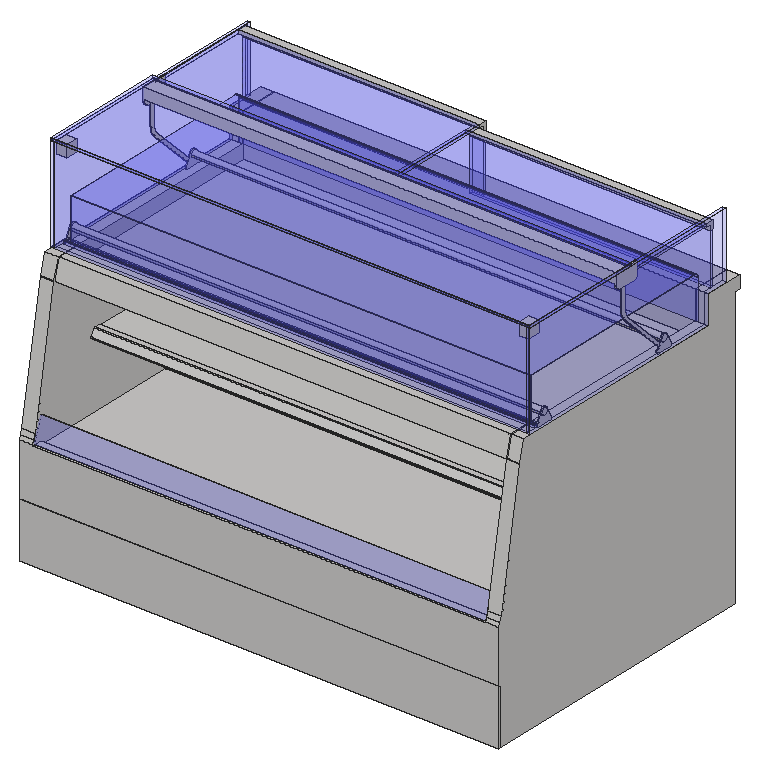
Revit family "Food-Service-Equipment_Oscartek_Gem_Combi-1500Rt_cat", category Specialty Equipment, Revit 2026 (continued)
Lines and regions (in)
  Split face 37
    outline origin (47.41942, -0.7874, 30.69127) x (0, 0, 1) y (1, 0, 0)
      loop
        line (-11.2465, -44.28523) -> (-11.13107, -43.88383)
        arc (-11.13107, -43.88383) -> (-11.12085, -43.83589) -> (-11.11742, -43.78699) r 0.35039
  Split face 38
    outline origin (47.41942, -0.7874, 29.69127) x (0, 0, 1) y (1, 0, 0)
      loop
        line (-11.11742, -43.78699) -> (-11.11742, -42.91639)
        arc (-11.11742, -42.91639) -> (-11.12085, -42.86749) -> (-11.13107, -42.81955) r 0.35039
        line (-11.13107, -42.81955) -> (-11.2465, -42.41815)
        arc (-11.2465, -42.41815) -> (-11.2717, -42.38154) -> (-11.31385, -42.36744) r 0.07008
        line (-11.31385, -42.36744) -> (-11.41227, -42.36744) -> (-11.41227, -44.33594) -> (-11.31385, -44.33594)
        arc (-11.31385, -44.33594) -> (-11.2717, -44.32184) -> (-11.2465, -44.28523) r 0.07008
        line (-11.2465, -44.28523) -> (-11.13107, -43.88383)
        arc (-11.13107, -43.88383) -> (-11.12085, -43.83589) -> (-11.11742, -43.78699) r 0.35039
  Split face 39
    outline origin (47.41942, -0.7874, 28.69127) x (0, 0, 1) y (1, 0, 0)
      loop
        line (-11.11742, -43.78699) -> (-11.11742, -42.91639)
        arc (-11.11742, -42.91639) -> (-11.12085, -42.86749) -> (-11.13107, -42.81955) r 0.35039
        line (-11.13107, -42.81955) -> (-11.2465, -42.41815)
        arc (-11.2465, -42.41815) -> (-11.2717, -42.38154) -> (-11.31385, -42.36744) r 0.07008
        line (-11.31385, -42.36744) -> (-11.41227, -42.36744) -> (-11.41227, -44.33594) -> (-11.31385, -44.33594)
        arc (-11.31385, -44.33594) -> (-11.2717, -44.32184) -> (-11.2465, -44.28523) r 0.07008
        line (-11.2465, -44.28523) -> (-11.13107, -43.88383)
        arc (-11.13107, -43.88383) -> (-11.12085, -43.83589) -> (-11.11742, -43.78699) r 0.35039
  Split face 40
    outline origin (47.41942, -0.7874, 27.69127) x (0, 0, 1) y (1, 0, 0)
      loop
        line (-11.11742, -43.78699) -> (-11.11742, -42.91639)
        arc (-11.11742, -42.91639) -> (-11.12085, -42.86749) -> (-11.13107, -42.81955) r 0.35039
        line (-11.13107, -42.81955) -> (-11.2465, -42.41815)
        arc (-11.2465, -42.41815) -> (-11.2717, -42.38154) -> (-11.31385, -42.36744) r 0.07008
        line (-11.31385, -42.36744) -> (-11.41227, -42.36744) -> (-11.41227, -44.33594) -> (-11.31385, -44.33594)
        arc (-11.31385, -44.33594) -> (-11.2717, -44.32184) -> (-11.2465, -44.28523) r 0.07008
        line (-11.2465, -44.28523) -> (-11.13107, -43.88383)
        arc (-11.13107, -43.88383) -> (-11.12085, -43.83589) -> (-11.11742, -43.78699) r 0.35039
  Split face 41
    outline origin (49.66942, -0.7874, 35.69127) x (0, 0, 1) y (1, 0, 0)
      loop
        line (-11.11742, -43.78699) -> (-11.11742, -42.91639)
        arc (-11.11742, -42.91639) -> (-11.12085, -42.86749) -> (-11.13107, -42.81955) r 0.35039
        line (-11.13107, -42.81955) -> (-11.2465, -42.41815)
        arc (-11.2465, -42.41815) -> (-11.2717, -42.38154) -> (-11.31385, -42.36744) r 0.07008
        line (-11.31385, -42.36744) -> (-11.41227, -42.36744) -> (-11.41227, -44.33594) -> (-11.31385, -44.33594)
        arc (-11.31385, -44.33594) -> (-11.2717, -44.32184) -> (-11.2465, -44.28523) r 0.07008
        line (-11.2465, -44.28523) -> (-11.13107, -43.88383)
        arc (-11.13107, -43.88383) -> (-11.12085, -43.83589) -> (-11.11742, -43.78699) r 0.35039
  Split face 42
    outline origin (49.66942, -0.7874, 34.69127) x (0, 0, 1) y (1, 0, 0)
      loop
        line (-11.11742, -43.78699) -> (-11.11742, -42.91639)
        arc (-11.11742, -42.91639) -> (-11.12085, -42.86749) -> (-11.13107, -42.81955) r 0.35039
        line (-11.13107, -42.81955) -> (-11.2465, -42.41815)
        arc (-11.2465, -42.41815) -> (-11.2717, -42.38154) -> (-11.31385, -42.36744) r 0.07008
        line (-11.31385, -42.36744) -> (-11.41227, -42.36744) -> (-11.41227, -44.33594) -> (-11.31385, -44.33594)
        arc (-11.31385, -44.33594) -> (-11.2717, -44.32184) -> (-11.2465, -44.28523) r 0.07008
        line (-11.2465, -44.28523) -> (-11.13107, -43.88383)
        arc (-11.13107, -43.88383) -> (-11.12085, -43.83589) -> (-11.11742, -43.78699) r 0.35039
  Split face 43
    outline origin (49.66942, -0.7874, 33.69127) x (0, 0, 1) y (1, 0, 0)
      loop
        line (-11.11742, -43.78699) -> (-11.11742, -42.91639)
        arc (-11.11742, -42.91639) -> (-11.12085, -42.86749) -> (-11.13107, -42.81955) r 0.35039
        line (-11.13107, -42.81955) -> (-11.2465, -42.41815)
        arc (-11.2465, -42.41815) -> (-11.2717, -42.38154) -> (-11.31385, -42.36744) r 0.07008
        line (-11.31385, -42.36744) -> (-11.41227, -42.36744) -> (-11.41227, -44.33594) -> (-11.31385, -44.33594)
        arc (-11.31385, -44.33594) -> (-11.2717, -44.32184) -> (-11.2465, -44.28523) r 0.07008
        line (-11.2465, -44.28523) -> (-11.13107, -43.88383)
        arc (-11.13107, -43.88383) -> (-11.12085, -43.83589) -> (-11.11742, -43.78699) r 0.35039
  Split face 44
    outline origin (49.66942, -0.7874, 32.69127) x (0, 0, 1) y (1, 0, 0)
      loop
        line (-11.11742, -43.78699) -> (-11.11742, -42.91639)
        arc (-11.11742, -42.91639) -> (-11.12085, -42.86749) -> (-11.13107, -42.81955) r 0.35039
        line (-11.13107, -42.81955) -> (-11.2465, -42.41815)
        arc (-11.2465, -42.41815) -> (-11.2717, -42.38154) -> (-11.31385, -42.36744) r 0.07008
        line (-11.31385, -42.36744) -> (-11.41227, -42.36744) -> (-11.41227, -44.33594) -> (-11.31385, -44.33594)
        arc (-11.31385, -44.33594) -> (-11.2717, -44.32184) -> (-11.2465, -44.28523) r 0.07008
        line (-11.2465, -44.28523) -> (-11.13107, -43.88383)
        arc (-11.13107, -43.88383) -> (-11.12085, -43.83589) -> (-11.11742, -43.78699) r 0.35039
  Split face 45
    outline origin (49.66942, -0.7874, 31.69127) x (0, 0, 1) y (1, 0, 0)
      loop
        line (-11.11742, -43.78699) -> (-11.11742, -42.91639)
        arc (-11.11742, -42.91639) -> (-11.12085, -42.86749) -> (-11.13107, -42.81955) r 0.35039
        line (-11.13107, -42.81955) -> (-11.2465, -42.41815)
        arc (-11.2465, -42.41815) -> (-11.2717, -42.38154) -> (-11.31385, -42.36744) r 0.07008
        line (-11.31385, -42.36744) -> (-11.41227, -42.36744) -> (-11.41227, -44.33594) -> (-11.31385, -44.33594)
        arc (-11.31385, -44.33594) -> (-11.2717, -44.32184) -> (-11.2465, -44.28523) r 0.07008
        line (-11.2465, -44.28523) -> (-11.13107, -43.88383)
        arc (-11.13107, -43.88383) -> (-11.12085, -43.83589) -> (-11.11742, -43.78699) r 0.35039
  Split face 46
    outline origin (49.66942, -0.7874, 30.69127) x (0, 0, 1) y (1, 0, 0)
      loop
        line (-11.11742, -43.78699) -> (-11.11742, -42.91639)
        arc (-11.11742, -42.91639) -> (-11.12085, -42.86749) -> (-11.13107, -42.81955) r 0.35039
        line (-11.13107, -42.81955) -> (-11.2465, -42.41815)
        arc (-11.2465, -42.41815) -> (-11.2717, -42.38154) -> (-11.31385, -42.36744) r 0.07008
        line (-11.31385, -42.36744) -> (-11.41227, -42.36744) -> (-11.41227, -44.33594) -> (-11.31385, -44.33594)
        arc (-11.31385, -44.33594) -> (-11.2717, -44.32184) -> (-11.2465, -44.28523) r 0.07008
        line (-11.2465, -44.28523) -> (-11.13107, -43.88383)
        arc (-11.13107, -43.88383) -> (-11.12085, -43.83589) -> (-11.11742, -43.78699) r 0.35039
  Split face 47
    outline origin (49.66942, -0.7874, 29.69127) x (0, 0, 1) y (1, 0, 0)
      loop
        line (-11.11742, -43.78699) -> (-11.11742, -42.91639)
        arc (-11.11742, -42.91639) -> (-11.12085, -42.86749) -> (-11.13107, -42.81955) r 0.35039
        line (-11.13107, -42.81955) -> (-11.2465, -42.41815)
        arc (-11.2465, -42.41815) -> (-11.2717, -42.38154) -> (-11.31385, -42.36744) r 0.07008
        line (-11.31385, -42.36744) -> (-11.41227, -42.36744) -> (-11.41227, -44.33594) -> (-11.31385, -44.33594)
        arc (-11.31385, -44.33594) -> (-11.2717, -44.32184) -> (-11.2465, -44.28523) r 0.07008
        line (-11.2465, -44.28523) -> (-11.13107, -43.88383)
        arc (-11.13107, -43.88383) -> (-11.12085, -43.83589) -> (-11.11742, -43.78699) r 0.35039
  Split face 48
    outline origin (49.66942, -0.7874, 28.69127) x (0, 0, 1) y (1, 0, 0)
      loop
        line (-11.11742, -43.78699) -> (-11.11742, -42.91639)
        arc (-11.11742, -42.91639) -> (-11.12085, -42.86749) -> (-11.13107, -42.81955) r 0.35039
        line (-11.13107, -42.81955) -> (-11.2465, -42.41815)
        arc (-11.2465, -42.41815) -> (-11.2717, -42.38154) -> (-11.31385, -42.36744) r 0.07008
        line (-11.31385, -42.36744) -> (-11.41227, -42.36744) -> (-11.41227, -44.33594) -> (-11.31385, -44.33594)
        arc (-11.31385, -44.33594) -> (-11.2717, -44.32184) -> (-11.2465, -44.28523) r 0.07008
        line (-11.2465, -44.28523) -> (-11.13107, -43.88383)
        arc (-11.13107, -43.88383) -> (-11.12085, -43.83589) -> (-11.11742, -43.78699) r 0.35039
  Split face 49
    outline origin (49.66942, -0.7874, 27.69127) x (0, 0, 1) y (1, 0, 0)
      loop
        line (-11.11742, -43.78699) -> (-11.11742, -42.91639)
        arc (-11.11742, -42.91639) -> (-11.12085, -42.86749) -> (-11.13107, -42.81955) r 0.35039
        line (-11.13107, -42.81955) -> (-11.2465, -42.41815)
        arc (-11.2465, -42.41815) -> (-11.2717, -42.38154) -> (-11.31385, -42.36744) r 0.07008
        line (-11.31385, -42.36744) -> (-11.41227, -42.36744) -> (-11.41227, -44.33594) -> (-11.31385, -44.33594)
        arc (-11.31385, -44.33594) -> (-11.2717, -44.32184) -> (-11.2465, -44.28523) r 0.07008
        line (-11.2465, -44.28523) -> (-11.13107, -43.88383)
        arc (-11.13107, -43.88383) -> (-11.12085, -43.83589) -> (-11.11742, -43.78699) r 0.35039
  Split face 50
    outline origin (51.91942, -0.7874, 35.69127) x (0, 0, 1) y (1, 0, 0)
      loop
        line (-11.11742, -43.78699) -> (-11.11742, -42.91639)
        arc (-11.11742, -42.91639) -> (-11.12085, -42.86749) -> (-11.13107, -42.81955) r 0.35039
        line (-11.13107, -42.81955) -> (-11.2465, -42.41815)
        arc (-11.2465, -42.41815) -> (-11.2717, -42.38154) -> (-11.31385, -42.36744) r 0.07008
        line (-11.31385, -42.36744) -> (-11.41227, -42.36744) -> (-11.41227, -44.33594) -> (-11.31385, -44.33594)
        arc (-11.31385, -44.33594) -> (-11.2717, -44.32184) -> (-11.2465, -44.28523) r 0.07008
        line (-11.2465, -44.28523) -> (-11.13107, -43.88383)
        arc (-11.13107, -43.88383) -> (-11.12085, -43.83589) -> (-11.11742, -43.78699) r 0.35039
  Split face 51
    outline origin (51.91942, -0.7874, 34.69127) x (0, 0, 1) y (1, 0, 0)
      loop
        line (-11.11742, -43.78699) -> (-11.11742, -42.91639)
        arc (-11.11742, -42.91639) -> (-11.12085, -42.86749) -> (-11.13107, -42.81955) r 0.35039
        line (-11.13107, -42.81955) -> (-11.2465, -42.41815)
        arc (-11.2465, -42.41815) -> (-11.2717, -42.38154) -> (-11.31385, -42.36744) r 0.07008
        line (-11.31385, -42.36744) -> (-11.41227, -42.36744) -> (-11.41227, -44.33594) -> (-11.31385, -44.33594)
        arc (-11.31385, -44.33594) -> (-11.2717, -44.32184) -> (-11.2465, -44.28523) r 0.07008
        line (-11.2465, -44.28523) -> (-11.13107, -43.88383)
        arc (-11.13107, -43.88383) -> (-11.12085, -43.83589) -> (-11.11742, -43.78699) r 0.35039
  Split face 52
    outline origin (51.91942, -0.7874, 33.69127) x (0, 0, 1) y (1, 0, 0)
      loop
        line (-11.11742, -43.78699) -> (-11.11742, -42.91639)
        arc (-11.11742, -42.91639) -> (-11.12085, -42.86749) -> (-11.13107, -42.81955) r 0.35039
        line (-11.13107, -42.81955) -> (-11.2465, -42.41815)
        arc (-11.2465, -42.41815) -> (-11.2717, -42.38154) -> (-11.31385, -42.36744) r 0.07008
        line (-11.31385, -42.36744) -> (-11.41227, -42.36744) -> (-11.41227, -44.33594) -> (-11.31385, -44.33594)
        arc (-11.31385, -44.33594) -> (-11.2717, -44.32184) -> (-11.2465, -44.28523) r 0.07008
        line (-11.2465, -44.28523) -> (-11.13107, -43.88383)
        arc (-11.13107, -43.88383) -> (-11.12085, -43.83589) -> (-11.11742, -43.78699) r 0.35039
  Split face 53
    outline origin (51.91942, -0.7874, 32.69127) x (0, 0, 1) y (1, 0, 0)
      loop
        line (-11.11742, -43.78699) -> (-11.11742, -42.91639)
        arc (-11.11742, -42.91639) -> (-11.12085, -42.86749) -> (-11.13107, -42.81955) r 0.35039
        line (-11.13107, -42.81955) -> (-11.2465, -42.41815)
        arc (-11.2465, -42.41815) -> (-11.2717, -42.38154) -> (-11.31385, -42.36744) r 0.07008
        line (-11.31385, -42.36744) -> (-11.41227, -42.36744) -> (-11.41227, -44.33594) -> (-11.31385, -44.33594)
        arc (-11.31385, -44.33594) -> (-11.2717, -44.32184) -> (-11.2465, -44.28523) r 0.07008
        line (-11.2465, -44.28523) -> (-11.13107, -43.88383)
        arc (-11.13107, -43.88383) -> (-11.12085, -43.83589) -> (-11.11742, -43.78699) r 0.35039
  Split face 54
    outline origin (51.91942, -0.7874, 31.69127) x (0, 0, 1) y (1, 0, 0)
      loop
        line (-11.11742, -43.78699) -> (-11.11742, -42.91639)
        arc (-11.11742, -42.91639) -> (-11.12085, -42.86749) -> (-11.13107, -42.81955) r 0.35039
        line (-11.13107, -42.81955) -> (-11.2465, -42.41815)
        arc (-11.2465, -42.41815) -> (-11.2717, -42.38154) -> (-11.31385, -42.36744) r 0.07008
        line (-11.31385, -42.36744) -> (-11.41227, -42.36744) -> (-11.41227, -44.33594) -> (-11.31385, -44.33594)
        arc (-11.31385, -44.33594) -> (-11.2717, -44.32184) -> (-11.2465, -44.28523) r 0.07008
        line (-11.2465, -44.28523) -> (-11.13107, -43.88383)
        arc (-11.13107, -43.88383) -> (-11.12085, -43.83589) -> (-11.11742, -43.78699) r 0.35039
  Split face 55
    outline origin (51.91942, -0.7874, 30.69127) x (0, 0, 1) y (1, 0, 0)
      loop
        line (-11.11742, -43.78699) -> (-11.11742, -42.91639)
        arc (-11.11742, -42.91639) -> (-11.12085, -42.86749) -> (-11.13107, -42.81955) r 0.35039
        line (-11.13107, -42.81955) -> (-11.2465, -42.41815)
        arc (-11.2465, -42.41815) -> (-11.2717, -42.38154) -> (-11.31385, -42.36744) r 0.07008
        line (-11.31385, -42.36744) -> (-11.41227, -42.36744) -> (-11.41227, -44.33594) -> (-11.31385, -44.33594)
        arc (-11.31385, -44.33594) -> (-11.2717, -44.32184) -> (-11.2465, -44.28523) r 0.07008
        line (-11.2465, -44.28523) -> (-11.13107, -43.88383)
        arc (-11.13107, -43.88383) -> (-11.12085, -43.83589) -> (-11.11742, -43.78699) r 0.35039
  Split face 56
    outline origin (51.91942, -0.7874, 29.69127) x (0, 0, 1) y (1, 0, 0)
      loop
        line (-11.11742, -43.78699) -> (-11.11742, -42.91639)
        arc (-11.11742, -42.91639) -> (-11.12085, -42.86749) -> (-11.13107, -42.81955) r 0.35039
        line (-11.13107, -42.81955) -> (-11.2465, -42.41815)
        arc (-11.2465, -42.41815) -> (-11.2717, -42.38154) -> (-11.31385, -42.36744) r 0.07008
        line (-11.31385, -42.36744) -> (-11.41227, -42.36744) -> (-11.41227, -44.33594) -> (-11.31385, -44.33594)
        arc (-11.31385, -44.33594) -> (-11.2717, -44.32184) -> (-11.2465, -44.28523) r 0.07008
        line (-11.2465, -44.28523) -> (-11.13107, -43.88383)
        arc (-11.13107, -43.88383) -> (-11.12085, -43.83589) -> (-11.11742, -43.78699) r 0.35039
  Split face 57
    outline origin (51.91942, -0.7874, 28.69127) x (0, 0, 1) y (1, 0, 0)
      loop
        line (-11.11742, -43.78699) -> (-11.11742, -42.91639)
        arc (-11.11742, -42.91639) -> (-11.12085, -42.86749) -> (-11.13107, -42.81955) r 0.35039
        line (-11.13107, -42.81955) -> (-11.2465, -42.41815)
        arc (-11.2465, -42.41815) -> (-11.2717, -42.38154) -> (-11.31385, -42.36744) r 0.07008
        line (-11.31385, -42.36744) -> (-11.41227, -42.36744) -> (-11.41227, -44.33594) -> (-11.31385, -44.33594)
        arc (-11.31385, -44.33594) -> (-11.2717, -44.32184) -> (-11.2465, -44.28523) r 0.07008
        line (-11.2465, -44.28523) -> (-11.13107, -43.88383)
        arc (-11.13107, -43.88383) -> (-11.12085, -43.83589) -> (-11.11742, -43.78699) r 0.35039
  Split face 58
    outline origin (51.91942, -0.7874, 27.69127) x (0, 0, 1) y (1, 0, 0)
      loop
        line (-11.11742, -43.78699) -> (-11.11742, -42.91639)
        arc (-11.11742, -42.91639) -> (-11.12085, -42.86749) -> (-11.13107, -42.81955) r 0.35039
        line (-11.13107, -42.81955) -> (-11.2465, -42.41815)
        arc (-11.2465, -42.41815) -> (-11.2717, -42.38154) -> (-11.31385, -42.36744) r 0.07008
        line (-11.31385, -42.36744) -> (-11.41227, -42.36744) -> (-11.41227, -44.33594) -> (-11.31385, -44.33594)
        arc (-11.31385, -44.33594) -> (-11.2717, -44.32184) -> (-11.2465, -44.28523) r 0.07008
        line (-11.2465, -44.28523) -> (-11.13107, -43.88383)
        arc (-11.13107, -43.88383) -> (-11.12085, -43.83589) -> (-11.11742, -43.78699) r 0.35039
  Split face 59
    outline origin (47.41942, -0.7874, 36.69127) x (0, 0, 1) y (1, 0, 0)
      loop
        line (-11.11742, -43.78699) -> (-11.11742, -42.91639)
        arc (-11.11742, -42.91639) -> (-11.12085, -42.86749) -> (-11.13107, -42.81955) r 0.35039
        line (-11.13107, -42.81955) -> (-11.2465, -42.41815)
        arc (-11.2465, -42.41815) -> (-11.2717, -42.38154) -> (-11.31385, -42.36744) r 0.07008
        line (-11.31385, -42.36744) -> (-11.41227, -42.36744) -> (-11.41227, -44.33594) -> (-11.31385, -44.33594)
        arc (-11.31385, -44.33594) -> (-11.2717, -44.32184) -> (-11.2465, -44.28523) r 0.07008
        line (-11.2465, -44.28523) -> (-11.13107, -43.88383)
        arc (-11.13107, -43.88383) -> (-11.12085, -43.83589) -> (-11.11742, -43.78699) r 0.35039
  Split face 60
    outline origin (49.66942, -0.7874, 36.69127) x (0, 0, 1) y (1, 0, 0)
      loop
        line (-11.11742, -43.78699) -> (-11.11742, -42.91639)
        arc (-11.11742, -42.91639) -> (-11.12085, -42.86749) -> (-11.13107, -42.81955) r 0.35039
        line (-11.13107, -42.81955) -> (-11.2465, -42.41815)
        arc (-11.2465, -42.41815) -> (-11.2717, -42.38154) -> (-11.31385, -42.36744) r 0.07008
        line (-11.31385, -42.36744) -> (-11.41227, -42.36744) -> (-11.41227, -44.33594) -> (-11.31385, -44.33594)
        arc (-11.31385, -44.33594) -> (-11.2717, -44.32184) -> (-11.2465, -44.28523) r 0.07008
        line (-11.2465, -44.28523) -> (-11.13107, -43.88383)
        arc (-11.13107, -43.88383) -> (-11.12085, -43.83589) -> (-11.11742, -43.78699) r 0.35039
  Split face 61
    outline origin (51.91942, -0.7874, 36.69127) x (0, 0, 1) y (1, 0, 0)
      loop
        line (-11.11742, -43.78699) -> (-11.11742, -42.91639)
        arc (-11.11742, -42.91639) -> (-11.12085, -42.86749) -> (-11.13107, -42.81955) r 0.35039
        line (-11.13107, -42.81955) -> (-11.2465, -42.41815)
        arc (-11.2465, -42.41815) -> (-11.2717, -42.38154) -> (-11.31385, -42.36744) r 0.07008
        line (-11.31385, -42.36744) -> (-11.41227, -42.36744) -> (-11.41227, -44.33594) -> (-11.31385, -44.33594)
        arc (-11.31385, -44.33594) -> (-11.2717, -44.32184) -> (-11.2465, -44.28523) r 0.07008
        line (-11.2465, -44.28523) -> (-11.13107, -43.88383)
        arc (-11.13107, -43.88383) -> (-11.12085, -43.83589) -> (-11.11742, -43.78699) r 0.35039
  Split face 62
    outline origin (69.66942, -0.7874, 26.69127) x (0, 0, 1) y (1, 0, 0)
      loop
        line (-11.11742, -24.09949) -> (-11.11742, -23.22889)
        arc (-11.11742, -23.22889) -> (-11.12085, -23.17999) -> (-11.13107, -23.13205) r 0.35039
        line (-11.13107, -23.13205) -> (-11.2465, -22.73065)
        arc (-11.2465, -22.73065) -> (-11.2717, -22.69404) -> (-11.31385, -22.67994) r 0.07008
        line (-11.31385, -22.67994) -> (-11.41227, -22.67994) -> (-11.41227, -24.64844) -> (-11.31385, -24.64844)
        arc (-11.31385, -24.64844) -> (-11.2717, -24.63434) -> (-11.2465, -24.59773) r 0.07008
        line (-11.2465, -24.59773) -> (-11.13107, -24.19633)
        arc (-11.13107, -24.19633) -> (-11.12085, -24.14839) -> (-11.11742, -24.09949) r 0.35039
  Split face 63
    outline origin (69.66942, -0.7874, 25.69127) x (0, 0, 1) y (1, 0, 0)
      loop
        line (-11.11742, -24.09949) -> (-11.11742, -23.22889)
        arc (-11.11742, -23.22889) -> (-11.12085, -23.17999) -> (-11.13107, -23.13205) r 0.35039
        line (-11.13107, -23.13205) -> (-11.2465, -22.73065)
        arc (-11.2465, -22.73065) -> (-11.2717, -22.69404) -> (-11.31385, -22.67994) r 0.07008
        line (-11.31385, -22.67994) -> (-11.41227, -22.67994) -> (-11.41227, -24.64844) -> (-11.31385, -24.64844)
        arc (-11.31385, -24.64844) -> (-11.2717, -24.63434) -> (-11.2465, -24.59773) r 0.07008
        line (-11.2465, -24.59773) -> (-11.13107, -24.19633)
        arc (-11.13107, -24.19633) -> (-11.12085, -24.14839) -> (-11.11742, -24.09949) r 0.35039
  Split face 64
    outline origin (69.66942, -0.7874, 24.69127) x (0, 0, 1) y (1, 0, 0)
      loop
        line (-11.11742, -24.09949) -> (-11.11742, -23.22889)
        arc (-11.11742, -23.22889) -> (-11.12085, -23.17999) -> (-11.13107, -23.13205) r 0.35039
        line (-11.13107, -23.13205) -> (-11.2465, -22.73065)
        arc (-11.2465, -22.73065) -> (-11.2717, -22.69404) -> (-11.31385, -22.67994) r 0.07008
        line (-11.31385, -22.67994) -> (-11.41227, -22.67994) -> (-11.41227, -24.64844) -> (-11.31385, -24.64844)
        arc (-11.31385, -24.64844) -> (-11.2717, -24.63434) -> (-11.2465, -24.59773) r 0.07008
        line (-11.2465, -24.59773) -> (-11.13107, -24.19633)
        arc (-11.13107, -24.19633) -> (-11.12085, -24.14839) -> (-11.11742, -24.09949) r 0.35039
  Split face 65
    outline origin (69.66942, -0.7874, 23.69127) x (0, 0, 1) y (1, 0, 0)
      loop
        line (-11.11742, -24.09949) -> (-11.11742, -23.22889)
        arc (-11.11742, -23.22889) -> (-11.12085, -23.17999) -> (-11.13107, -23.13205) r 0.35039
        line (-11.13107, -23.13205) -> (-11.2465, -22.73065)
        arc (-11.2465, -22.73065) -> (-11.2717, -22.69404) -> (-11.31385, -22.67994) r 0.07008
        line (-11.31385, -22.67994) -> (-11.41227, -22.67994) -> (-11.41227, -24.64844) -> (-11.31385, -24.64844)
        arc (-11.31385, -24.64844) -> (-11.2717, -24.63434) -> (-11.2465, -24.59773) r 0.07008
        line (-11.2465, -24.59773) -> (-11.13107, -24.19633)
        arc (-11.13107, -24.19633) -> (-11.12085, -24.14839) -> (-11.11742, -24.09949) r 0.35039
  Split face 66
    outline origin (69.66942, -0.7874, 22.69127) x (0, 0, 1) y (1, 0, 0)
      loop
        line (-11.11742, -24.09949) -> (-11.11742, -23.22889)
        arc (-11.11742, -23.22889) -> (-11.12085, -23.17999) -> (-11.13107, -23.13205) r 0.35039
        line (-11.13107, -23.13205) -> (-11.2465, -22.73065)
        arc (-11.2465, -22.73065) -> (-11.2717, -22.69404) -> (-11.31385, -22.67994) r 0.07008
        line (-11.31385, -22.67994) -> (-11.41227, -22.67994) -> (-11.41227, -24.64844) -> (-11.31385, -24.64844)
        arc (-11.31385, -24.64844) -> (-11.2717, -24.63434) -> (-11.2465, -24.59773) r 0.07008
        line (-11.2465, -24.59773) -> (-11.13107, -24.19633)
        arc (-11.13107, -24.19633) -> (-11.12085, -24.14839) -> (-11.11742, -24.09949) r 0.35039
  Split face 67
    outline origin (69.66942, -0.7874, 21.69127) x (0, 0, 1) y (1, 0, 0)
      loop
        line (-11.11742, -24.09949) -> (-11.11742, -23.22889)
        arc (-11.11742, -23.22889) -> (-11.12085, -23.17999) -> (-11.13107, -23.13205) r 0.35039
        line (-11.13107, -23.13205) -> (-11.2465, -22.73065)
        arc (-11.2465, -22.73065) -> (-11.2717, -22.69404) -> (-11.31385, -22.67994) r 0.07008
        line (-11.31385, -22.67994) -> (-11.41227, -22.67994) -> (-11.41227, -24.64844) -> (-11.31385, -24.64844)
        arc (-11.31385, -24.64844) -> (-11.2717, -24.63434) -> (-11.2465, -24.59773) r 0.07008
        line (-11.2465, -24.59773) -> (-11.13107, -24.19633)
        arc (-11.13107, -24.19633) -> (-11.12085, -24.14839) -> (-11.11742, -24.09949) r 0.35039
  Split face 68
    outline origin (69.66942, -0.7874, 20.69127) x (0, 0, 1) y (1, 0, 0)
      loop
        line (-11.11742, -24.09949) -> (-11.11742, -23.22889)
        arc (-11.11742, -23.22889) -> (-11.12085, -23.17999) -> (-11.13107, -23.13205) r 0.35039
        line (-11.13107, -23.13205) -> (-11.2465, -22.73065)
        arc (-11.2465, -22.73065) -> (-11.2717, -22.69404) -> (-11.31385, -22.67994) r 0.07008
        line (-11.31385, -22.67994) -> (-11.41227, -22.67994) -> (-11.41227, -24.64844) -> (-11.31385, -24.64844)
        arc (-11.31385, -24.64844) -> (-11.2717, -24.63434) -> (-11.2465, -24.59773) r 0.07008
        line (-11.2465, -24.59773) -> (-11.13107, -24.19633)
        arc (-11.13107, -24.19633) -> (-11.12085, -24.14839) -> (-11.11742, -24.09949) r 0.35039
  Split face 69
    outline origin (69.66942, -0.7874, 19.69127) x (0, 0, 1) y (1, 0, 0)
      loop
        line (-11.11742, -24.09949) -> (-11.11742, -23.22889)
        arc (-11.11742, -23.22889) -> (-11.12085, -23.17999) -> (-11.13107, -23.13205) r 0.35039
        line (-11.13107, -23.13205) -> (-11.2465, -22.73065)
        arc (-11.2465, -22.73065) -> (-11.2717, -22.69404) -> (-11.31385, -22.67994) r 0.07008
        line (-11.31385, -22.67994) -> (-11.41227, -22.67994) -> (-11.41227, -24.64844) -> (-11.31385, -24.64844)
        arc (-11.31385, -24.64844) -> (-11.2717, -24.63434) -> (-11.2465, -24.59773) r 0.07008
        line (-11.2465, -24.59773) -> (-11.13107, -24.19633)
        arc (-11.13107, -24.19633) -> (-11.12085, -24.14839) -> (-11.11742, -24.09949) r 0.35039
  Split face 70
    outline origin (69.66942, -0.7874, 18.69127) x (0, 0, 1) y (1, 0, 0)
      loop
        line (-11.11742, -24.09949) -> (-11.11742, -23.22889)
        arc (-11.11742, -23.22889) -> (-11.12085, -23.17999) -> (-11.13107, -23.13205) r 0.35039
        line (-11.13107, -23.13205) -> (-11.2465, -22.73065)
        arc (-11.2465, -22.73065) -> (-11.2717, -22.69404) -> (-11.31385, -22.67994) r 0.07008
        line (-11.31385, -22.67994) -> (-11.41227, -22.67994) -> (-11.41227, -24.64844) -> (-11.31385, -24.64844)
        arc (-11.31385, -24.64844) -> (-11.2717, -24.63434) -> (-11.2465, -24.59773) r 0.07008
        line (-11.2465, -24.59773) -> (-11.13107, -24.19633)
        arc (-11.13107, -24.19633) -> (-11.12085, -24.14839) -> (-11.11742, -24.09949) r 0.35039
  Split face 71
    outline origin (69.66942, -0.7874, 17.69127) x (0, 0, 1) y (1, 0, 0)
      loop
        line (-11.11742, -24.09949) -> (-11.11742, -23.22889)
        arc (-11.11742, -23.22889) -> (-11.12085, -23.17999) -> (-11.13107, -23.13205) r 0.35039
        line (-11.13107, -23.13205) -> (-11.2465, -22.73065)
        arc (-11.2465, -22.73065) -> (-11.2717, -22.69404) -> (-11.31385, -22.67994) r 0.07008
        line (-11.31385, -22.67994) -> (-11.41227, -22.67994) -> (-11.41227, -24.64844) -> (-11.31385, -24.64844)
        arc (-11.31385, -24.64844) -> (-11.2717, -24.63434) -> (-11.2465, -24.59773) r 0.07008
        line (-11.2465, -24.59773) -> (-11.13107, -24.19633)
        arc (-11.13107, -24.19633) -> (-11.12085, -24.14839) -> (-11.11742, -24.09949) r 0.35039
  Split face 72
    outline origin (71.91942, -0.7874, 26.69127) x (0, 0, 1) y (1, 0, 0)
      loop
        line (-11.11742, -24.09949) -> (-11.11742, -23.22889)
        arc (-11.11742, -23.22889) -> (-11.12085, -23.17999) -> (-11.13107, -23.13205) r 0.35039
        line (-11.13107, -23.13205) -> (-11.2465, -22.73065)
        arc (-11.2465, -22.73065) -> (-11.2717, -22.69404) -> (-11.31385, -22.67994) r 0.07008
        line (-11.31385, -22.67994) -> (-11.41227, -22.67994) -> (-11.41227, -24.64844) -> (-11.31385, -24.64844)
        arc (-11.31385, -24.64844) -> (-11.2717, -24.63434) -> (-11.2465, -24.59773) r 0.07008
        line (-11.2465, -24.59773) -> (-11.13107, -24.19633)
        arc (-11.13107, -24.19633) -> (-11.12085, -24.14839) -> (-11.11742, -24.09949) r 0.35039
  Split face 73
    outline origin (71.91942, -0.7874, 25.69127) x (0, 0, 1) y (1, 0, 0)
      loop
        line (-11.11742, -24.09949) -> (-11.11742, -23.22889)
        arc (-11.11742, -23.22889) -> (-11.12085, -23.17999) -> (-11.13107, -23.13205) r 0.35039
        line (-11.13107, -23.13205) -> (-11.2465, -22.73065)
        arc (-11.2465, -22.73065) -> (-11.2717, -22.69404) -> (-11.31385, -22.67994) r 0.07008
        line (-11.31385, -22.67994) -> (-11.41227, -22.67994) -> (-11.41227, -24.64844) -> (-11.31385, -24.64844)
        arc (-11.31385, -24.64844) -> (-11.2717, -24.63434) -> (-11.2465, -24.59773) r 0.07008
        line (-11.2465, -24.59773) -> (-11.13107, -24.19633)
        arc (-11.13107, -24.19633) -> (-11.12085, -24.14839) -> (-11.11742, -24.09949) r 0.35039
  Split face 74
    outline origin (71.91942, -0.7874, 24.69127) x (0, 0, 1) y (1, 0, 0)
      loop
        line (-11.11742, -24.09949) -> (-11.11742, -23.22889)
        arc (-11.11742, -23.22889) -> (-11.12085, -23.17999) -> (-11.13107, -23.13205) r 0.35039
        line (-11.13107, -23.13205) -> (-11.2465, -22.73065)
        arc (-11.2465, -22.73065) -> (-11.2717, -22.69404) -> (-11.31385, -22.67994) r 0.07008
        line (-11.31385, -22.67994) -> (-11.41227, -22.67994) -> (-11.41227, -24.64844) -> (-11.31385, -24.64844)
        arc (-11.31385, -24.64844) -> (-11.2717, -24.63434) -> (-11.2465, -24.59773) r 0.07008
        line (-11.2465, -24.59773) -> (-11.13107, -24.19633)
        arc (-11.13107, -24.19633) -> (-11.12085, -24.14839) -> (-11.11742, -24.09949) r 0.35039
  Split face 75
    outline origin (71.91942, -0.7874, 23.69127) x (0, 0, 1) y (1, 0, 0)
      loop
        line (-11.11742, -24.09949) -> (-11.11742, -23.22889)
        arc (-11.11742, -23.22889) -> (-11.12085, -23.17999) -> (-11.13107, -23.13205) r 0.35039
        line (-11.13107, -23.13205) -> (-11.2465, -22.73065)
        arc (-11.2465, -22.73065) -> (-11.2717, -22.69404) -> (-11.31385, -22.67994) r 0.07008
        line (-11.31385, -22.67994) -> (-11.41227, -22.67994) -> (-11.41227, -24.64844) -> (-11.31385, -24.64844)
        arc (-11.31385, -24.64844) -> (-11.2717, -24.63434) -> (-11.2465, -24.59773) r 0.07008
        line (-11.2465, -24.59773) -> (-11.13107, -24.19633)
        arc (-11.13107, -24.19633) -> (-11.12085, -24.14839) -> (-11.11742, -24.09949) r 0.35039
  Split face 76
    outline origin (71.91942, -0.7874, 22.69127) x (0, 0, 1) y (1, 0, 0)
      loop
        line (-11.11742, -24.09949) -> (-11.11742, -23.22889)
        arc (-11.11742, -23.22889) -> (-11.12085, -23.17999) -> (-11.13107, -23.13205) r 0.35039
        line (-11.13107, -23.13205) -> (-11.2465, -22.73065)
        arc (-11.2465, -22.73065) -> (-11.2717, -22.69404) -> (-11.31385, -22.67994) r 0.07008
        line (-11.31385, -22.67994) -> (-11.41227, -22.67994) -> (-11.41227, -24.64844) -> (-11.31385, -24.64844)
        arc (-11.31385, -24.64844) -> (-11.2717, -24.63434) -> (-11.2465, -24.59773) r 0.07008
        line (-11.2465, -24.59773) -> (-11.13107, -24.19633)
        arc (-11.13107, -24.19633) -> (-11.12085, -24.14839) -> (-11.11742, -24.09949) r 0.35039
  Split face 77
    outline origin (71.91942, -0.7874, 21.69127) x (0, 0, 1) y (1, 0, 0)
      loop
        line (-11.11742, -24.09949) -> (-11.11742, -23.22889)
        arc (-11.11742, -23.22889) -> (-11.12085, -23.17999) -> (-11.13107, -23.13205) r 0.35039
        line (-11.13107, -23.13205) -> (-11.2465, -22.73065)
        arc (-11.2465, -22.73065) -> (-11.2717, -22.69404) -> (-11.31385, -22.67994) r 0.07008
        line (-11.31385, -22.67994) -> (-11.41227, -22.67994) -> (-11.41227, -24.64844) -> (-11.31385, -24.64844)
        arc (-11.31385, -24.64844) -> (-11.2717, -24.63434) -> (-11.2465, -24.59773) r 0.07008
        line (-11.2465, -24.59773) -> (-11.13107, -24.19633)
        arc (-11.13107, -24.19633) -> (-11.12085, -24.14839) -> (-11.11742, -24.09949) r 0.35039
  Split face 78
    outline origin (71.91942, -0.7874, 20.69127) x (0, 0, 1) y (1, 0, 0)
      loop
        line (-11.11742, -24.09949) -> (-11.11742, -23.22889)
        arc (-11.11742, -23.22889) -> (-11.12085, -23.17999) -> (-11.13107, -23.13205) r 0.35039
        line (-11.13107, -23.13205) -> (-11.2465, -22.73065)
        arc (-11.2465, -22.73065) -> (-11.2717, -22.69404) -> (-11.31385, -22.67994) r 0.07008
        line (-11.31385, -22.67994) -> (-11.41227, -22.67994) -> (-11.41227, -24.64844) -> (-11.31385, -24.64844)
        arc (-11.31385, -24.64844) -> (-11.2717, -24.63434) -> (-11.2465, -24.59773) r 0.07008
        line (-11.2465, -24.59773) -> (-11.13107, -24.19633)
        arc (-11.13107, -24.19633) -> (-11.12085, -24.14839) -> (-11.11742, -24.09949) r 0.35039
  Split face 79
    outline origin (71.91942, -0.7874, 19.69127) x (0, 0, 1) y (1, 0, 0)
      loop
        line (-11.11742, -24.09949) -> (-11.11742, -23.22889)
        arc (-11.11742, -23.22889) -> (-11.12085, -23.17999) -> (-11.13107, -23.13205) r 0.35039
        line (-11.13107, -23.13205) -> (-11.2465, -22.73065)
        arc (-11.2465, -22.73065) -> (-11.2717, -22.69404) -> (-11.31385, -22.67994) r 0.07008
        line (-11.31385, -22.67994) -> (-11.41227, -22.67994) -> (-11.41227, -24.64844) -> (-11.31385, -24.64844)
        arc (-11.31385, -24.64844) -> (-11.2717, -24.63434) -> (-11.2465, -24.59773) r 0.07008
        line (-11.2465, -24.59773) -> (-11.13107, -24.19633)
        arc (-11.13107, -24.19633) -> (-11.12085, -24.14839) -> (-11.11742, -24.09949) r 0.35039
  Split face 80
    outline origin (71.91942, -0.7874, 18.69127) x (0, 0, 1) y (1, 0, 0)
      loop
        line (-11.11742, -24.09949) -> (-11.11742, -23.22889)
        arc (-11.11742, -23.22889) -> (-11.12085, -23.17999) -> (-11.13107, -23.13205) r 0.35039
        line (-11.13107, -23.13205) -> (-11.2465, -22.73065)
        arc (-11.2465, -22.73065) -> (-11.2717, -22.69404) -> (-11.31385, -22.67994) r 0.07008
        line (-11.31385, -22.67994) -> (-11.41227, -22.67994) -> (-11.41227, -24.64844) -> (-11.31385, -24.64844)
        arc (-11.31385, -24.64844) -> (-11.2717, -24.63434) -> (-11.2465, -24.59773) r 0.07008
        line (-11.2465, -24.59773) -> (-11.13107, -24.19633)
        arc (-11.13107, -24.19633) -> (-11.12085, -24.14839) -> (-11.11742, -24.09949) r 0.35039
  Split face 81
    outline origin (71.91942, -0.7874, 17.69127) x (0, 0, 1) y (1, 0, 0)
      loop
        line (-11.11742, -24.09949) -> (-11.11742, -23.22889)
        arc (-11.11742, -23.22889) -> (-11.12085, -23.17999) -> (-11.13107, -23.13205) r 0.35039
        line (-11.13107, -23.13205) -> (-11.2465, -22.73065)
        arc (-11.2465, -22.73065) -> (-11.2717, -22.69404) -> (-11.31385, -22.67994) r 0.07008
        line (-11.31385, -22.67994) -> (-11.41227, -22.67994) -> (-11.41227, -24.64844) -> (-11.31385, -24.64844)
        arc (-11.31385, -24.64844) -> (-11.2717, -24.63434) -> (-11.2465, -24.59773) r 0.07008
        line (-11.2465, -24.59773) -> (-11.13107, -24.19633)
        arc (-11.13107, -24.19633) -> (-11.12085, -24.14839) -> (-11.11742, -24.09949) r 0.35039
  Split face 82
    outline origin (74.16942, -0.7874, 26.69127) x (0, 0, 1) y (1, 0, 0)
      loop
        line (-11.11742, -24.09949) -> (-11.11742, -23.22889)
        arc (-11.11742, -23.22889) -> (-11.12085, -23.17999) -> (-11.13107, -23.13205) r 0.35039
        line (-11.13107, -23.13205) -> (-11.2465, -22.73065)
        arc (-11.2465, -22.73065) -> (-11.2717, -22.69404) -> (-11.31385, -22.67994) r 0.07008
        line (-11.31385, -22.67994) -> (-11.41227, -22.67994) -> (-11.41227, -24.64844) -> (-11.31385, -24.64844)
        arc (-11.31385, -24.64844) -> (-11.2717, -24.63434) -> (-11.2465, -24.59773) r 0.07008
        line (-11.2465, -24.59773) -> (-11.13107, -24.19633)
        arc (-11.13107, -24.19633) -> (-11.12085, -24.14839) -> (-11.11742, -24.09949) r 0.35039
  Split face 83
    outline origin (74.16942, -0.7874, 25.69127) x (0, 0, 1) y (1, 0, 0)
      loop
        line (-11.11742, -24.09949) -> (-11.11742, -23.22889)
        arc (-11.11742, -23.22889) -> (-11.12085, -23.17999) -> (-11.13107, -23.13205) r 0.35039
        line (-11.13107, -23.13205) -> (-11.2465, -22.73065)
        arc (-11.2465, -22.73065) -> (-11.2717, -22.69404) -> (-11.31385, -22.67994) r 0.07008
        line (-11.31385, -22.67994) -> (-11.41227, -22.67994) -> (-11.41227, -24.64844) -> (-11.31385, -24.64844)
        arc (-11.31385, -24.64844) -> (-11.2717, -24.63434) -> (-11.2465, -24.59773) r 0.07008
        line (-11.2465, -24.59773) -> (-11.13107, -24.19633)
        arc (-11.13107, -24.19633) -> (-11.12085, -24.14839) -> (-11.11742, -24.09949) r 0.35039
  Split face 84
    outline origin (74.16942, -0.7874, 24.69127) x (0, 0, 1) y (1, 0, 0)
      loop
        line (-11.11742, -24.09949) -> (-11.11742, -23.22889)
        arc (-11.11742, -23.22889) -> (-11.12085, -23.17999) -> (-11.13107, -23.13205) r 0.35039
        line (-11.13107, -23.13205) -> (-11.2465, -22.73065)
        arc (-11.2465, -22.73065) -> (-11.2717, -22.69404) -> (-11.31385, -22.67994) r 0.07008
        line (-11.31385, -22.67994) -> (-11.41227, -22.67994) -> (-11.41227, -24.64844) -> (-11.31385, -24.64844)
        arc (-11.31385, -24.64844) -> (-11.2717, -24.63434) -> (-11.2465, -24.59773) r 0.07008
        line (-11.2465, -24.59773) -> (-11.13107, -24.19633)
        arc (-11.13107, -24.19633) -> (-11.12085, -24.14839) -> (-11.11742, -24.09949) r 0.35039
  Split face 85
    outline origin (74.16942, -0.7874, 23.69127) x (0, 0, 1) y (1, 0, 0)
      loop
        line (-11.11742, -24.09949) -> (-11.11742, -23.22889)
        arc (-11.11742, -23.22889) -> (-11.12085, -23.17999) -> (-11.13107, -23.13205) r 0.35039
        line (-11.13107, -23.13205) -> (-11.2465, -22.73065)
        arc (-11.2465, -22.73065) -> (-11.2717, -22.69404) -> (-11.31385, -22.67994) r 0.07008
        line (-11.31385, -22.67994) -> (-11.41227, -22.67994) -> (-11.41227, -24.64844) -> (-11.31385, -24.64844)
        arc (-11.31385, -24.64844) -> (-11.2717, -24.63434) -> (-11.2465, -24.59773) r 0.07008
        line (-11.2465, -24.59773) -> (-11.13107, -24.19633)
        arc (-11.13107, -24.19633) -> (-11.12085, -24.14839) -> (-11.11742, -24.09949) r 0.35039
  Split face 86
    outline origin (74.16942, -0.7874, 22.69127) x (0, 0, 1) y (1, 0, 0)
      loop
        line (-11.11742, -24.09949) -> (-11.11742, -23.22889)
        arc (-11.11742, -23.22889) -> (-11.12085, -23.17999) -> (-11.13107, -23.13205) r 0.35039
        line (-11.13107, -23.13205) -> (-11.2465, -22.73065)
        arc (-11.2465, -22.73065) -> (-11.2717, -22.69404) -> (-11.31385, -22.67994) r 0.07008
        line (-11.31385, -22.67994) -> (-11.41227, -22.67994) -> (-11.41227, -24.64844) -> (-11.31385, -24.64844)
        arc (-11.31385, -24.64844) -> (-11.2717, -24.63434) -> (-11.2465, -24.59773) r 0.07008
        line (-11.2465, -24.59773) -> (-11.13107, -24.19633)
        arc (-11.13107, -24.19633) -> (-11.12085, -24.14839) -> (-11.11742, -24.09949) r 0.35039
  Split face 87
    outline origin (74.16942, -0.7874, 21.69127) x (0, 0, 1) y (1, 0, 0)
      loop
        line (-11.11742, -24.09949) -> (-11.11742, -23.22889)
        arc (-11.11742, -23.22889) -> (-11.12085, -23.17999) -> (-11.13107, -23.13205) r 0.35039
        line (-11.13107, -23.13205) -> (-11.2465, -22.73065)
        arc (-11.2465, -22.73065) -> (-11.2717, -22.69404) -> (-11.31385, -22.67994) r 0.07008
        line (-11.31385, -22.67994) -> (-11.41227, -22.67994) -> (-11.41227, -24.64844) -> (-11.31385, -24.64844)
        arc (-11.31385, -24.64844) -> (-11.2717, -24.63434) -> (-11.2465, -24.59773) r 0.07008
        line (-11.2465, -24.59773) -> (-11.13107, -24.19633)
        arc (-11.13107, -24.19633) -> (-11.12085, -24.14839) -> (-11.11742, -24.09949) r 0.35039
  Split face 88
    outline origin (74.16942, -0.7874, 20.69127) x (0, 0, 1) y (1, 0, 0)
      loop
        line (-11.11742, -24.09949) -> (-11.11742, -23.22889)
        arc (-11.11742, -23.22889) -> (-11.12085, -23.17999) -> (-11.13107, -23.13205) r 0.35039
        line (-11.13107, -23.13205) -> (-11.2465, -22.73065)
        arc (-11.2465, -22.73065) -> (-11.2717, -22.69404) -> (-11.31385, -22.67994) r 0.07008
        line (-11.31385, -22.67994) -> (-11.41227, -22.67994) -> (-11.41227, -24.64844) -> (-11.31385, -24.64844)
        arc (-11.31385, -24.64844) -> (-11.2717, -24.63434) -> (-11.2465, -24.59773) r 0.07008
        line (-11.2465, -24.59773) -> (-11.13107, -24.19633)
        arc (-11.13107, -24.19633) -> (-11.12085, -24.14839) -> (-11.11742, -24.09949) r 0.35039
  Split face 89
    outline origin (74.16942, -0.7874, 19.69127) x (0, 0, 1) y (1, 0, 0)
      loop
        line (-11.11742, -24.09949) -> (-11.11742, -23.22889)
        arc (-11.11742, -23.22889) -> (-11.12085, -23.17999) -> (-11.13107, -23.13205) r 0.35039
        line (-11.13107, -23.13205) -> (-11.2465, -22.73065)
        arc (-11.2465, -22.73065) -> (-11.2717, -22.69404) -> (-11.31385, -22.67994) r 0.07008
        line (-11.31385, -22.67994) -> (-11.41227, -22.67994) -> (-11.41227, -24.64844) -> (-11.31385, -24.64844)
        arc (-11.31385, -24.64844) -> (-11.2717, -24.63434) -> (-11.2465, -24.59773) r 0.07008
        line (-11.2465, -24.59773) -> (-11.13107, -24.19633)
        arc (-11.13107, -24.19633) -> (-11.12085, -24.14839) -> (-11.11742, -24.09949) r 0.35039
  Split face 90
    outline origin (74.16942, -0.7874, 18.69127) x (0, 0, 1) y (1, 0, 0)
      loop
        line (-11.11742, -24.09949) -> (-11.11742, -23.22889)
        arc (-11.11742, -23.22889) -> (-11.12085, -23.17999) -> (-11.13107, -23.13205) r 0.35039
        line (-11.13107, -23.13205) -> (-11.2465, -22.73065)
        arc (-11.2465, -22.73065) -> (-11.2717, -22.69404) -> (-11.31385, -22.67994) r 0.07008
        line (-11.31385, -22.67994) -> (-11.41227, -22.67994) -> (-11.41227, -24.64844) -> (-11.31385, -24.64844)
        arc (-11.31385, -24.64844) -> (-11.2717, -24.63434) -> (-11.2465, -24.59773) r 0.07008
        line (-11.2465, -24.59773) -> (-11.13107, -24.19633)
        arc (-11.13107, -24.19633) -> (-11.12085, -24.14839) -> (-11.11742, -24.09949) r 0.35039
  Split face 91
    outline origin (74.16942, -0.7874, 17.69127) x (0, 0, 1) y (1, 0, 0)
      loop
        line (-11.11742, -24.09949) -> (-11.11742, -23.22889)
        arc (-11.11742, -23.22889) -> (-11.12085, -23.17999) -> (-11.13107, -23.13205) r 0.35039
        line (-11.13107, -23.13205) -> (-11.2465, -22.73065)
        arc (-11.2465, -22.73065) -> (-11.2717, -22.69404) -> (-11.31385, -22.67994) r 0.07008
        line (-11.31385, -22.67994) -> (-11.41227, -22.67994) -> (-11.41227, -24.64844) -> (-11.31385, -24.64844)
        arc (-11.31385, -24.64844) -> (-11.2717, -24.63434) -> (-11.2465, -24.59773) r 0.07008
        line (-11.2465, -24.59773) -> (-11.13107, -24.19633)
        arc (-11.13107, -24.19633) -> (-11.12085, -24.14839) -> (-11.11742, -24.09949) r 0.35039
  Split face 92
    outline origin (76.41942, -0.7874, 26.69127) x (0, 0, 1) y (1, 0, 0)
      loop
        line (-11.11742, -24.09949) -> (-11.11742, -23.22889)
        arc (-11.11742, -23.22889) -> (-11.12085, -23.17999) -> (-11.13107, -23.13205) r 0.35039
        line (-11.13107, -23.13205) -> (-11.2465, -22.73065)
        arc (-11.2465, -22.73065) -> (-11.2717, -22.69404) -> (-11.31385, -22.67994) r 0.07008
        line (-11.31385, -22.67994) -> (-11.41227, -22.67994) -> (-11.41227, -24.64844) -> (-11.31385, -24.64844)
        arc (-11.31385, -24.64844) -> (-11.2717, -24.63434) -> (-11.2465, -24.59773) r 0.07008
        line (-11.2465, -24.59773) -> (-11.13107, -24.19633)
        arc (-11.13107, -24.19633) -> (-11.12085, -24.14839) -> (-11.11742, -24.09949) r 0.35039
  Split face 93
    outline origin (76.41942, -0.7874, 25.69127) x (0, 0, 1) y (1, 0, 0)
      loop
        line (-11.11742, -24.09949) -> (-11.11742, -23.22889)
        arc (-11.11742, -23.22889) -> (-11.12085, -23.17999) -> (-11.13107, -23.13205) r 0.35039
        line (-11.13107, -23.13205) -> (-11.2465, -22.73065)
        arc (-11.2465, -22.73065) -> (-11.2717, -22.69404) -> (-11.31385, -22.67994) r 0.07008
        line (-11.31385, -22.67994) -> (-11.41227, -22.67994) -> (-11.41227, -24.64844) -> (-11.31385, -24.64844)
        arc (-11.31385, -24.64844) -> (-11.2717, -24.63434) -> (-11.2465, -24.59773) r 0.07008
        line (-11.2465, -24.59773) -> (-11.13107, -24.19633)
        arc (-11.13107, -24.19633) -> (-11.12085, -24.14839) -> (-11.11742, -24.09949) r 0.35039
  Split face 94
    outline origin (76.41942, -0.7874, 24.69127) x (0, 0, 1) y (1, 0, 0)
      loop
        line (-11.11742, -24.09949) -> (-11.11742, -23.22889)
        arc (-11.11742, -23.22889) -> (-11.12085, -23.17999) -> (-11.13107, -23.13205) r 0.35039
        line (-11.13107, -23.13205) -> (-11.2465, -22.73065)
        arc (-11.2465, -22.73065) -> (-11.2717, -22.69404) -> (-11.31385, -22.67994) r 0.07008
        line (-11.31385, -22.67994) -> (-11.41227, -22.67994) -> (-11.41227, -24.64844) -> (-11.31385, -24.64844)
        arc (-11.31385, -24.64844) -> (-11.2717, -24.63434) -> (-11.2465, -24.59773) r 0.07008
        line (-11.2465, -24.59773) -> (-11.13107, -24.19633)
        arc (-11.13107, -24.19633) -> (-11.12085, -24.14839) -> (-11.11742, -24.09949) r 0.35039
  Split face 95
    outline origin (76.41942, -0.7874, 23.69127) x (0, 0, 1) y (1, 0, 0)
      loop
        line (-11.11742, -24.09949) -> (-11.11742, -23.22889)
        arc (-11.11742, -23.22889) -> (-11.12085, -23.17999) -> (-11.13107, -23.13205) r 0.35039
        line (-11.13107, -23.13205) -> (-11.2465, -22.73065)
        arc (-11.2465, -22.73065) -> (-11.2717, -22.69404) -> (-11.31385, -22.67994) r 0.07008
        line (-11.31385, -22.67994) -> (-11.41227, -22.67994) -> (-11.41227, -24.64844) -> (-11.31385, -24.64844)
        arc (-11.31385, -24.64844) -> (-11.2717, -24.63434) -> (-11.2465, -24.59773) r 0.07008
        line (-11.2465, -24.59773) -> (-11.13107, -24.19633)
        arc (-11.13107, -24.19633) -> (-11.12085, -24.14839) -> (-11.11742, -24.09949) r 0.35039
  Split face 96
    outline origin (76.41942, -0.7874, 22.69127) x (0, 0, 1) y (1, 0, 0)
      loop
        line (-11.11742, -24.09949) -> (-11.11742, -23.22889)
        arc (-11.11742, -23.22889) -> (-11.12085, -23.17999) -> (-11.13107, -23.13205) r 0.35039
        line (-11.13107, -23.13205) -> (-11.2465, -22.73065)
        arc (-11.2465, -22.73065) -> (-11.2717, -22.69404) -> (-11.31385, -22.67994) r 0.07008
        line (-11.31385, -22.67994) -> (-11.41227, -22.67994) -> (-11.41227, -24.64844) -> (-11.31385, -24.64844)
        arc (-11.31385, -24.64844) -> (-11.2717, -24.63434) -> (-11.2465, -24.59773) r 0.07008
        line (-11.2465, -24.59773) -> (-11.13107, -24.19633)
        arc (-11.13107, -24.19633) -> (-11.12085, -24.14839) -> (-11.11742, -24.09949) r 0.35039
  Split face 97
    outline origin (76.41942, -0.7874, 21.69127) x (0, 0, 1) y (1, 0, 0)
      loop
        line (-11.11742, -24.09949) -> (-11.11742, -23.22889)
        arc (-11.11742, -23.22889) -> (-11.12085, -23.17999) -> (-11.13107, -23.13205) r 0.35039
        line (-11.13107, -23.13205) -> (-11.2465, -22.73065)
        arc (-11.2465, -22.73065) -> (-11.2717, -22.69404) -> (-11.31385, -22.67994) r 0.07008
        line (-11.31385, -22.67994) -> (-11.41227, -22.67994) -> (-11.41227, -24.64844) -> (-11.31385, -24.64844)
        arc (-11.31385, -24.64844) -> (-11.2717, -24.63434) -> (-11.2465, -24.59773) r 0.07008
        line (-11.2465, -24.59773) -> (-11.13107, -24.19633)
        arc (-11.13107, -24.19633) -> (-11.12085, -24.14839) -> (-11.11742, -24.09949) r 0.35039
  Split face 98
    outline origin (76.41942, -0.7874, 20.69127) x (0, 0, 1) y (1, 0, 0)
      loop
        line (-11.11742, -24.09949) -> (-11.11742, -23.22889)
        arc (-11.11742, -23.22889) -> (-11.12085, -23.17999) -> (-11.13107, -23.13205) r 0.35039
        line (-11.13107, -23.13205) -> (-11.2465, -22.73065)
        arc (-11.2465, -22.73065) -> (-11.2717, -22.69404) -> (-11.31385, -22.67994) r 0.07008
        line (-11.31385, -22.67994) -> (-11.41227, -22.67994) -> (-11.41227, -24.64844) -> (-11.31385, -24.64844)
        arc (-11.31385, -24.64844) -> (-11.2717, -24.63434) -> (-11.2465, -24.59773) r 0.07008
        line (-11.2465, -24.59773) -> (-11.13107, -24.19633)
        arc (-11.13107, -24.19633) -> (-11.12085, -24.14839) -> (-11.11742, -24.09949) r 0.35039
  Split face 99
    outline origin (76.41942, -0.7874, 19.69127) x (0, 0, 1) y (1, 0, 0)
      loop
        line (-11.11742, -24.09949) -> (-11.11742, -23.22889)
        arc (-11.11742, -23.22889) -> (-11.12085, -23.17999) -> (-11.13107, -23.13205) r 0.35039
        line (-11.13107, -23.13205) -> (-11.2465, -22.73065)
        arc (-11.2465, -22.73065) -> (-11.2717, -22.69404) -> (-11.31385, -22.67994) r 0.07008
        line (-11.31385, -22.67994) -> (-11.41227, -22.67994) -> (-11.41227, -24.64844) -> (-11.31385, -24.64844)
        arc (-11.31385, -24.64844) -> (-11.2717, -24.63434) -> (-11.2465, -24.59773) r 0.07008
        line (-11.2465, -24.59773) -> (-11.13107, -24.19633)
        arc (-11.13107, -24.19633) -> (-11.12085, -24.14839) -> (-11.11742, -24.09949) r 0.35039
  Split face 100
    outline origin (76.41942, -0.7874, 18.69127) x (0, 0, 1) y (1, 0, 0)
      loop
        line (-11.11742, -24.09949) -> (-11.11742, -23.22889)
        arc (-11.11742, -23.22889) -> (-11.12085, -23.17999) -> (-11.13107, -23.13205) r 0.35039
        line (-11.13107, -23.13205) -> (-11.2465, -22.73065)
        arc (-11.2465, -22.73065) -> (-11.2717, -22.69404) -> (-11.31385, -22.67994) r 0.07008
        line (-11.31385, -22.67994) -> (-11.41227, -22.67994) -> (-11.41227, -24.64844) -> (-11.31385, -24.64844)
        arc (-11.31385, -24.64844) -> (-11.2717, -24.63434) -> (-11.2465, -24.59773) r 0.07008
        line (-11.2465, -24.59773) -> (-11.13107, -24.19633)
        arc (-11.13107, -24.19633) -> (-11.12085, -24.14839) -> (-11.11742, -24.09949) r 0.35039
  Split face 101
    outline origin (76.41942, -0.7874, 17.69127) x (0, 0, 1) y (1, 0, 0)
      loop
        line (-11.11742, -24.09949) -> (-11.11742, -23.22889)
        arc (-11.11742, -23.22889) -> (-11.12085, -23.17999) -> (-11.13107, -23.13205) r 0.35039
        line (-11.13107, -23.13205) -> (-11.2465, -22.73065)
        arc (-11.2465, -22.73065) -> (-11.2717, -22.69404) -> (-11.31385, -22.67994) r 0.07008
        line (-11.31385, -22.67994) -> (-11.41227, -22.67994) -> (-11.41227, -24.64844) -> (-11.31385, -24.64844)
        arc (-11.31385, -24.64844) -> (-11.2717, -24.63434) -> (-11.2465, -24.59773) r 0.07008
        line (-11.2465, -24.59773) -> (-11.13107, -24.19633)
        arc (-11.13107, -24.19633) -> (-11.12085, -24.14839) -> (-11.11742, -24.09949) r 0.35039
  Split face 102
    outline origin (78.66942, -0.7874, 26.69127) x (0, 0, 1) y (1, 0, 0)
      loop
        line (-11.11742, -24.09949) -> (-11.11742, -23.22889)
        arc (-11.11742, -23.22889) -> (-11.12085, -23.17999) -> (-11.13107, -23.13205) r 0.35039
        line (-11.13107, -23.13205) -> (-11.2465, -22.73065)
        arc (-11.2465, -22.73065) -> (-11.2717, -22.69404) -> (-11.31385, -22.67994) r 0.07008
        line (-11.31385, -22.67994) -> (-11.41227, -22.67994) -> (-11.41227, -24.64844) -> (-11.31385, -24.64844)
        arc (-11.31385, -24.64844) -> (-11.2717, -24.63434) -> (-11.2465, -24.59773) r 0.07008
        line (-11.2465, -24.59773) -> (-11.13107, -24.19633)
        arc (-11.13107, -24.19633) -> (-11.12085, -24.14839) -> (-11.11742, -24.09949) r 0.35039
  Split face 103
    outline origin (78.66942, -0.7874, 25.69127) x (0, 0, 1) y (1, 0, 0)
      loop
        line (-11.11742, -24.09949) -> (-11.11742, -23.22889)
        arc (-11.11742, -23.22889) -> (-11.12085, -23.17999) -> (-11.13107, -23.13205) r 0.35039
        line (-11.13107, -23.13205) -> (-11.2465, -22.73065)
        arc (-11.2465, -22.73065) -> (-11.2717, -22.69404) -> (-11.31385, -22.67994) r 0.07008
        line (-11.31385, -22.67994) -> (-11.41227, -22.67994) -> (-11.41227, -24.64844) -> (-11.31385, -24.64844)
        arc (-11.31385, -24.64844) -> (-11.2717, -24.63434) -> (-11.2465, -24.59773) r 0.07008
        line (-11.2465, -24.59773) -> (-11.13107, -24.19633)
        arc (-11.13107, -24.19633) -> (-11.12085, -24.14839) -> (-11.11742, -24.09949) r 0.35039
  Split face 104
    outline origin (78.66942, -0.7874, 24.69127) x (0, 0, 1) y (1, 0, 0)
      loop
        line (-11.11742, -24.09949) -> (-11.11742, -23.22889)
        arc (-11.11742, -23.22889) -> (-11.12085, -23.17999) -> (-11.13107, -23.13205) r 0.35039
        line (-11.13107, -23.13205) -> (-11.2465, -22.73065)
        arc (-11.2465, -22.73065) -> (-11.2717, -22.69404) -> (-11.31385, -22.67994) r 0.07008
        line (-11.31385, -22.67994) -> (-11.41227, -22.67994) -> (-11.41227, -24.64844) -> (-11.31385, -24.64844)
        arc (-11.31385, -24.64844) -> (-11.2717, -24.63434) -> (-11.2465, -24.59773) r 0.07008
        line (-11.2465, -24.59773) -> (-11.13107, -24.19633)
        arc (-11.13107, -24.19633) -> (-11.12085, -24.14839) -> (-11.11742, -24.09949) r 0.35039
  Split face 105
    outline origin (78.66942, -0.7874, 23.69127) x (0, 0, 1) y (1, 0, 0)
      loop
        line (-11.11742, -24.09949) -> (-11.11742, -23.22889)
        arc (-11.11742, -23.22889) -> (-11.12085, -23.17999) -> (-11.13107, -23.13205) r 0.35039
        line (-11.13107, -23.13205) -> (-11.2465, -22.73065)
        arc (-11.2465, -22.73065) -> (-11.2717, -22.69404) -> (-11.31385, -22.67994) r 0.07008
        line (-11.31385, -22.67994) -> (-11.41227, -22.67994) -> (-11.41227, -24.64844) -> (-11.31385, -24.64844)
        arc (-11.31385, -24.64844) -> (-11.2717, -24.63434) -> (-11.2465, -24.59773) r 0.07008
        line (-11.2465, -24.59773) -> (-11.13107, -24.19633)
        arc (-11.13107, -24.19633) -> (-11.12085, -24.14839) -> (-11.11742, -24.09949) r 0.35039
  Split face 106
    outline origin (78.66942, -0.7874, 22.69127) x (0, 0, 1) y (1, 0, 0)
      loop
        line (-11.11742, -24.09949) -> (-11.11742, -23.22889)
        arc (-11.11742, -23.22889) -> (-11.12085, -23.17999) -> (-11.13107, -23.13205) r 0.35039
        line (-11.13107, -23.13205) -> (-11.2465, -22.73065)
        arc (-11.2465, -22.73065) -> (-11.2717, -22.69404) -> (-11.31385, -22.67994) r 0.07008
        line (-11.31385, -22.67994) -> (-11.41227, -22.67994) -> (-11.41227, -24.64844) -> (-11.31385, -24.64844)
        arc (-11.31385, -24.64844) -> (-11.2717, -24.63434) -> (-11.2465, -24.59773) r 0.07008
        line (-11.2465, -24.59773) -> (-11.13107, -24.19633)
        arc (-11.13107, -24.19633) -> (-11.12085, -24.14839) -> (-11.11742, -24.09949) r 0.35039
  Split face 107
    outline origin (78.66942, -0.7874, 21.69127) x (0, 0, 1) y (1, 0, 0)
      loop
        line (-11.11742, -24.09949) -> (-11.11742, -23.22889)
        arc (-11.11742, -23.22889) -> (-11.12085, -23.17999) -> (-11.13107, -23.13205) r 0.35039
        line (-11.13107, -23.13205) -> (-11.2465, -22.73065)
        arc (-11.2465, -22.73065) -> (-11.2717, -22.69404) -> (-11.31385, -22.67994) r 0.07008
        line (-11.31385, -22.67994) -> (-11.41227, -22.67994) -> (-11.41227, -24.64844) -> (-11.31385, -24.64844)
        arc (-11.31385, -24.64844) -> (-11.2717, -24.63434) -> (-11.2465, -24.59773) r 0.07008
        line (-11.2465, -24.59773) -> (-11.13107, -24.19633)
        arc (-11.13107, -24.19633) -> (-11.12085, -24.14839) -> (-11.11742, -24.09949) r 0.35039
  Split face 108
    outline origin (78.66942, -0.7874, 20.69127) x (0, 0, 1) y (1, 0, 0)
      loop
        line (-11.11742, -24.09949) -> (-11.11742, -23.22889)
        arc (-11.11742, -23.22889) -> (-11.12085, -23.17999) -> (-11.13107, -23.13205) r 0.35039
        line (-11.13107, -23.13205) -> (-11.2465, -22.73065)
        arc (-11.2465, -22.73065) -> (-11.2717, -22.69404) -> (-11.31385, -22.67994) r 0.07008
        line (-11.31385, -22.67994) -> (-11.41227, -22.67994) -> (-11.41227, -24.64844) -> (-11.31385, -24.64844)
        arc (-11.31385, -24.64844) -> (-11.2717, -24.63434) -> (-11.2465, -24.59773) r 0.07008
        line (-11.2465, -24.59773) -> (-11.13107, -24.19633)
        arc (-11.13107, -24.19633) -> (-11.12085, -24.14839) -> (-11.11742, -24.09949) r 0.35039
  Split face 109
    outline origin (78.66942, -0.7874, 19.69127) x (0, 0, 1) y (1, 0, 0)
      loop
        line (-11.11742, -24.09949) -> (-11.11742, -23.22889)
        arc (-11.11742, -23.22889) -> (-11.12085, -23.17999) -> (-11.13107, -23.13205) r 0.35039
        line (-11.13107, -23.13205) -> (-11.2465, -22.73065)
        arc (-11.2465, -22.73065) -> (-11.2717, -22.69404) -> (-11.31385, -22.67994) r 0.07008
        line (-11.31385, -22.67994) -> (-11.41227, -22.67994) -> (-11.41227, -24.64844) -> (-11.31385, -24.64844)
